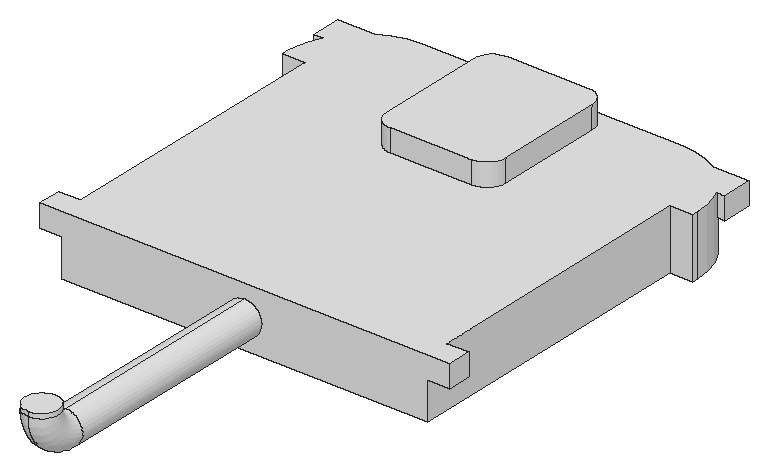
Revit family "Plumbing-Fixtures_Grohe_Flushing-Cistern_38863000_14_METRIC", category Plumbing Fixtures, host Face, Revit 2014
Parameters
  _distributed by = "www.bimstore.co.uk"
  _current revision = 1  # constant formula
  _created by = "Ryan Lashley"  # constant formula
  _authorized by = "Kris Atkinson"  # constant formula
  _BIMspec_GUID = 0  # constant formula
  Width = 550 mm  # constant formula
  Waste Connection = no
  WarrantyStartDate [instance] = "Please record on commissioning."
  WarrantyGuarantorParts = ""
  WarrantyGuarantorLabor = ""
  WarrantyDurationUnit = "Years"  # constant formula
  WarrantyDurationParts = ""
  WarrantyDurationLabor = ""
  WarrantyDuration = ""
  WarrantyDescription = ""
  WFU = 0
  Vent Connection = no
  URL = "www.grohe.com"
  TypeName = Model  # "Uniset For WC"
  Type Comments = "38863000"  # constant formula
  TagNumber = ""
  SpareParts = ""
  Size = "80mmx550mmx855mm"  # constant formula
  Shape = ""
  SerialNumber [instance] = "Please record on commissioning."
  ReplacementCost = ""
  ReferencedStandard = ""
  ProductionYear = "2016"  # constant formula
  Product Page URL = "http://cdn08.grohe.com/lib/1/tpi/1843242.pdf"
  Product Documentation Link = "http://cdn08.grohe.com/lib/1/tpi/1843242.pdf"
  Percentage of Recycled Content = ""
  NBSReference = "45-35-70/355"  # constant formula
  NBSObjectName = "Urinal flushing valves;"  # constant formula
  NBSDescription = "Urinal flushing valves;"  # constant formula
  ModelNumber = Type Comments  # "38863000"
  Model = "Uniset For WC"  # constant formula
  Material = ""
  Masterformat Title = "Sanitary Facilities"  # constant formula
  Masterformat Number = "01 52 19"  # constant formula
  Manufacturer = "Grohe Limited"  # constant formula
  Low Emitting Material = no
  Length = 80 mm  # constant formula
  Leg Drop [instance] = 50 mm
  LEED Credit = ""
  Keynote = "N13"  # constant formula
  InstallationDate [instance] = "Please record on commissioning."
  Industry Standards = "n/a"  # constant formula
  Hot Water Connection Diameter = 10 mm  # constant formula
  Height = 855 mm  # constant formula
  HWFU = 4.5
  HW Connection = yes
  Grade = ""
  Frame Material = Steel, Paint Finish, Blue
  Finish = ""
  Features = Description  # "Uniset for WC\r\n6 - 9 l adjustable\r\nwith small maintenance access\r\npneumatic discharge valve offering 3 modes of operation: dual flush or start/stop or single flush\r\nPE outlet bend Ø 80 mm\r\ninlet and outlet connecting set\r\nsteel frame, hot galvanized, with 4 fixing brackets\r\n2 WC fixing bolts\r\ndistance of fixing bolts 180/230 mm\r\nfixing device for ceramic\r\nwater supply connection from top\r\nlow noise (group I acc. to German Noise Specification)\r\ntest approval applied for\r\nwith plaster base coating made of vinyl fleece\r\nangle valve ½\r\nwith push fit flexible hose union\r\nshortable inspection shaft incl.\r\nprotection during construction phase,\r\nfor vertical use\r\nwithout wall plate/actuation\r\nGROHE EcoJoy® technology for less water and perfect flow "
  Faucet Material = ABS Plastic - White
  Extidentifier = ""
  ExpectedLife = 0
  Ecojoy = no
  DurationUnit = "Years"  # constant formula
  DocumentationTechnical = "http://cdn08.grohe.com/lib/1/tpi/1843242.pdf"
  DocumentationMaintenance = ""
  DocumentationLiterature = ""
  DocumentationInstallationGuide = ""
  DocumentationCertificates = ""
  Description = "Uniset for WC\r\n6 - 9 l adjustable\r\nwith small maintenance access\r\npneumatic discharge valve offering 3 modes of operation: dual flush or start/stop or single flush\r\nPE outlet bend Ø 80 mm\r\ninlet and outlet connecting set\r\nsteel frame, hot galvanized, with 4 fixing brackets\r\n2 WC fixing bolts\r\ndistance of fixing bolts 180/230 mm\r\nfixing device for ceramic\r\nwater supply connection from top\r\nlow noise (group I acc. to German Noise Specification)\r\ntest approval applied for\r\nwith plaster base coating made of vinyl fleece\r\nangle valve ½\r\nwith push fit flexible hose union\r\nshortable inspection shaft incl.\r\nprotection during construction phase,\r\nfor vertical use\r\nwithout wall plate/actuation\r\nGROHE EcoJoy® technology for less water and perfect flow "  # constant formula
  Default Elevation = 600 mm
  CreatedOn = "May 2016"  # constant formula
  CreatedBy = "info-uk@grohe.com"  # constant formula
  Cost = 0
  Contact Grohe = "GROHE Limited, World Business Centre 2, Newall Road, London Heathrow Airport, Hounslow, Middlesex, TW6 2SF - Tel: +44 (0) 871 200 3414 - Fax: +44 (0) 871 200 3415 - EMail: info-uk@grohe.com"  # constant formula
  Constituents = ""
  Color = ""
  Cold Water Connection Diameter = 10 mm  # constant formula
  CodePerformance = ""
  ClassificationValue = "Pr_40_20_93_79"  # constant formula
  ClassificationName = "Uniclass 2015"  # constant formula
  CWFU = 4.5
  CW Connection = yes
  BarCode [instance] = "Please record on commissioning."
  AssetType = "Fixed"  # constant formula
  AssetIdentifier [instance] = "Please record on commissioning."
  Assembly Code = "C1030220"
  AccessibilityPerformance = ""
  ADA Compliant = no
Reference planes
  plane 1 "Center (Front/Back)": y = 0
  plane 2: z = 0
  plane 3 "Center (Left/Right)": x = 0
  plane 4: z = 0
  plane 5: y = 692.5
  plane 6: x = 275
  plane 7: x = -275
  plane 8: y = -87.5
  plane 9: y = 800.5
  plane 10: y = 630
  plane 11: y = 80
Forms (mm)
  Extrusion 1, solid, material "ABS Plastic - White" <- "Faucet Material", detail levels medium+fine
    sketch origin (-444.804, -4547, 0) x (-1, 0, 0) y (0, -1, 0)
      loop
        arc (-269.804, -5347.5) -> (-199.094, -5318.211) -> (-169.804, -5247.5) r 100
        line (-169.804, -5247.5) -> (-169.804, -5239.5) -> (-199.804, -5239.5) -> (-199.804, -4832.5) -> (-689.804, -4832.5) -> (-689.804, -5239.5) -> (-719.804, -5239.5) -> (-719.804, -5247.5)
        arc (-719.804, -5247.5) -> (-690.515, -5318.211) -> (-619.804, -5347.5) r 100
        line (-619.804, -5347.5) -> (-269.804, -5347.5)
    from 0 to -80
  Extrusion 2, solid, material "ABS Plastic - White" <- "Faucet Material", detail levels medium+fine
    sketch origin (-444.804, -4402, 0) x (-1, 0, 0) y (0, -1, 0)
      loop
        arc (-390.514, -5195.758) -> (-372.836, -5188.436) -> (-365.514, -5170.758) r 25
        line (-365.514, -5170.758) -> (-365.514, -5025.758)
        arc (-365.514, -5025.758) -> (-372.836, -5008.08) -> (-390.514, -5000.758) r 25
        line (-390.514, -5000.758) -> (-499.095, -5000.758)
        arc (-499.095, -5000.758) -> (-516.773, -5008.08) -> (-524.095, -5025.758) r 25
        line (-524.095, -5025.758) -> (-524.095, -5170.758)
        arc (-524.095, -5170.758) -> (-516.773, -5188.436) -> (-499.095, -5195.758) r 25
        line (-499.095, -5195.758) -> (-390.514, -5195.758)
    from 30 to 0
  Extrusion 3, void
    sketch origin (-444.804, -4572, 0) x (-1, 0, 0) y (0, -1, 0)
      loop
        line (-169.804, -5372.5) -> (-169.804, -4484.5) -> (-719.804, -4484.5) -> (-719.804, -5372.5) -> (-169.804, -5372.5)
    from 0 to -80
  Sweep 4, solid, material "ABS Plastic - White" <- "Faucet Material"
    path in 3D
      loop
        line (0, -54.5, 5) -> (0, -54.5, -1)
        arc (0, -54.5, -1) -> (0, -42.784, -29.284) -> (0, -14.5, -41) r 40
        line (0, -14.5, -41) -> (0, 285.5, -41)
    profile origin (0, 135.5, -41) x (0, 0, 1) y (1, 0, 0)
      loop
        circle (0, 0) r 22.5
  Extrusion 5, solid, material "ABS Plastic - White" <- "Faucet Material", detail levels medium+fine
    sketch origin (-444.804, -4572, 0) x (-1, 0, 0) y (0, -1, 0)
      loop
        line (-217.701, -5357.854) -> (-169.804, -5357.854) -> (-169.804, -5317.854) -> (-180.681, -5317.854)
        arc (-180.681, -5317.854) -> (-196.413, -5340.425) -> (-217.701, -5357.854) r 100
      loop
        arc (-671.907, -5357.854) -> (-693.195, -5340.425) -> (-708.928, -5317.854) r 100
        line (-708.928, -5317.854) -> (-719.804, -5317.854) -> (-719.804, -5357.854) -> (-671.907, -5357.854)
      loop
        line (-199.804, -4857.5) -> (-199.804, -4889.245) -> (-169.804, -4889.245) -> (-169.804, -4857.5) -> (-199.804, -4857.5)
      loop
        line (-689.804, -4857.5) -> (-719.804, -4857.5) -> (-719.804, -4889.245) -> (-689.804, -4889.245) -> (-689.804, -4857.5)
    from 0 to -30
Cuts and joins
  joined: Extrusion 1, Extrusion 5
Lines and regions (mm)
  reference lines
    curve 1: line (0, -54.5, -1) -> (0, -54.5, 5)
    curve 2: line (0, -14.5, -41) -> (0, 285.5, -41)
    curve 3: arc (0, -14.5, -41) -> (0, -42.784, -29.284) -> (0, -54.5, -1) r 40
  sketch lines
    curve 4: line (0, -14.5, -41) -> (0, 285.5, -41)
    curve 5: arc (0, -14.5, -41) -> (0, -42.784, -29.284) -> (0, -54.5, -1) r 40
    curve 6: line (0, -54.5, -1) -> (0, -54.5, 5)
Dimensions and locks
  equal spacing: plane 7, plane 3 "Center (Left/Right)", plane 6
  plane 3 "Center (Left/Right)" to plane 6 = 275 mm
  equal spacing: Extrusion 2 sketch curve, plane 3 "Center (Left/Right)", Extrusion 2 sketch curve
  locked: plane 10 to plane 11 at 550
  Extrusion 1 to host face = 80 mm
  locked: plane 9 to Extrusion 1 at 515
  Extrusion 1 to curve 1 = 340 mm
  aligned and locked: plane 2 to host face
  aligned and locked: level to host face
  aligned and locked: plane 8 to Extrusion 3 sketch curve
  aligned and locked: level to Extrusion 3
Automatic sketch dimensions
  host sketch curve to host sketch curve = 2209.745 mm
  host sketch curve to host sketch curve = 2220.317 mm
  plane 3 "Center (Left/Right)" to Extrusion 2 sketch curve = 79.291 mm
  Extrusion 2 sketch curve to Extrusion 2 sketch curve = 25 mm  (x4)
  plane 5 to Extrusion 2 sketch curve = 101.258 mm
  Extrusion 2 sketch curve to Extrusion 2 sketch curve = 145 mm
  plane 5 to Extrusion 1 sketch curve = 0 mm  (x2)
  Extrusion 1 sketch curve to plane 6 = 0 mm
  Extrusion 1 sketch curve to plane 7 = 0 mm
  Extrusion 1 sketch curve to plane 6 = 30 mm
  plane 9 to Extrusion 1 sketch curve = 0 mm
  Extrusion 1 sketch curve to plane 6 = 100 mm
  plane 7 to Extrusion 1 sketch curve = 100 mm
  plane 7 to Extrusion 1 sketch curve = 30 mm
  Extrusion 1 sketch curve to plane 1 "Center (Front/Back)" = 285.5 mm
  Extrusion 3 sketch curve to plane 9 = 0 mm
  Extrusion 3 sketch curve to plane 6 = 0 mm
  Extrusion 3 sketch curve to plane 7 = 0 mm
  Sweep 4 sketch curve to profile plane = 0 mm  (x2)
  curve 1 to level = 1 mm
  plane 1 "Center (Front/Back)" to curve 1 = 54.5 mm
  plane 1 "Center (Front/Back)" to curve 3 = 14.5 mm
  plane 11 to curve 2 = 205.5 mm
  level to curve 1 = 5 mm
  Extrusion 5 sketch curve to plane 6 = 0 mm  (x2)
  Extrusion 5 sketch curve to plane 7 = 0 mm  (x2)
  Extrusion 5 sketch curve to Extrusion 5 sketch curve = 10.876 mm
  Extrusion 5 sketch curve to Extrusion 5 sketch curve = 30 mm
  Extrusion 5 sketch curve to plane 9 = 14.646 mm  (x2)
  Extrusion 5 sketch curve to Extrusion 5 sketch curve = 47.897 mm
  plane 5 to Extrusion 5 sketch curve = 8 mm  (x2)
  Extrusion 5 sketch curve to Extrusion 5 sketch curve = 52.103 mm
  plane 7 to Extrusion 5 sketch curve = 100 mm
  plane 7 to Extrusion 5 sketch curve = 47.897 mm
  plane 7 to Extrusion 5 sketch curve = 30 mm
  plane 7 to Extrusion 5 sketch curve = 10.876 mm
  plane 11 to Extrusion 5 sketch curve = 237.245 mm  (x2)
  Extrusion 5 sketch curve to Extrusion 5 sketch curve = 31.745 mm  (x2)
  radius of Sweep 4 sketch curve = 22.5 mm
Connectors
  piping at (0, -54.5, 5), diameter 45
    settings: on curve 1, index 1, connector inside diameter 24", connector length 0 mm, flow factor 0, pipe flow 0 GPM, pressure drop 0.00 psi, fitting loss kfactor 0, connector angle 0.00°, fixture units 0, engagement length 0 mm, angle of deflection 0.00°, flow configuration 0, flow direction 0, fitting loss method 0, system type 16, joint type 0, gender type 0, connector reference index -1, connector utility 0, adjustable connector no, is connector primary yes, connector description ""
